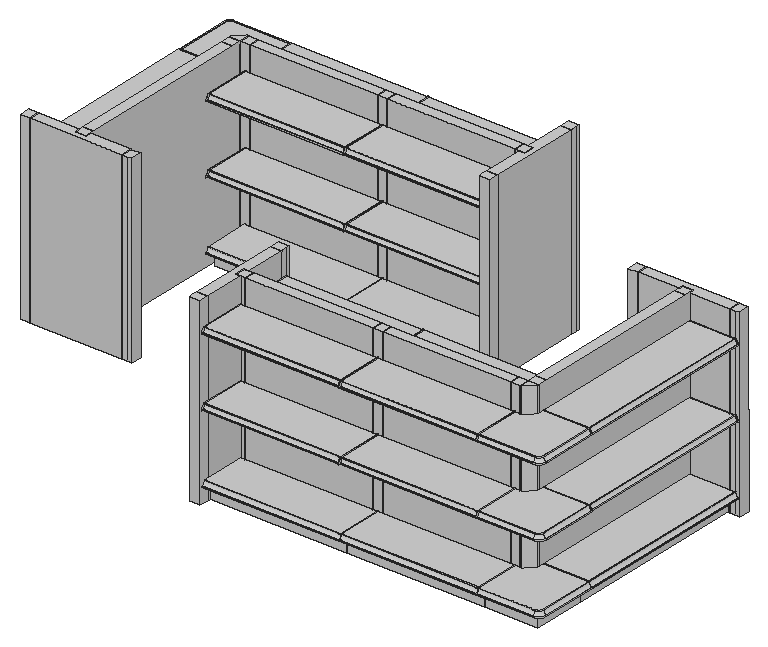
Revit family "QF_ConfigurationB", category Specialty Equipment, Revit 2012
Parameters
  Width = 1' - 0"
  Height = 4' - 0"
Reference planes (in)
  plane 1 "Center (Front/Back)": y = 0
  plane 2: z = 0
  plane 3 "Center (Left/Right)": x = 0
  plane 4: z = 48
  plane 5: z = 5.5
  plane 6: z = 4.125
  plane 7: z = 23.5
  plane 8: z = 41.5
  plane 9: z = 22.125
  plane 10: z = 40.125
  plane 11: y = 6
  plane 12: y = 6
  plane 13: y = 82.5
  plane 14: y = 20.25
  plane 15: y = 68.25
  plane 16: x = -80.625
  plane 17: x = -128.625
Forms (in)
  Extrusion 1, solid, material "Metal - Steel"
    sketch origin (0, 0, 0) x (1, 0, 0) y (0, 1, 0)
      loop
        line (-7.375, 7.375) -> (-7.375, 4.625) -> (-6.875, 4.625) -> (-4.625, 6.875) -> (-4.625, 7.375) -> (-7.375, 7.375)
    from 0 to 48
  Extrusion 2, solid, material "Metal - Steel"
    sketch origin (0, 0, 0) x (1, 0, 0) y (0, 1, 0)
      loop
        line (-4.625, 8.625) -> (-4.625, 6.875) -> (-6.875, 4.625) -> (-8.625, 4.625) -> (-8.625, -7.25) -> (6.25, -7.25)
        arc (6.25, -7.25) -> (6.95711, -6.95711) -> (7.25, -6.25) r 1
        line (7.25, -6.25) -> (7.25, 8.625) -> (-4.625, 8.625)
    from 4.125 to 5.5
  Extrusion 3, solid, material "Metal - Steel"
    sketch origin (0, 0, 0) x (1, 0, 0) y (0, 1, 0)
      loop
        line (5.25, 8.625) -> (-4.625, 8.625) -> (-4.625, 6.875) -> (-6.875, 4.625) -> (-8.625, 4.625) -> (-8.625, -5.375) -> (5.25, -5.375) -> (5.25, 8.625)
    from 0 to 4.125
  Sweep 4, solid, material "Metal - Steel"
    path in 3D
      loop
        line (-8.625, -7.25, 5.5) -> (6.25, -7.25, 5.5)
        arc (6.25, -7.25, 5.5) -> (6.95711, -6.95711, 5.5) -> (7.25, -6.25, 5.5) r 1
        line (7.25, -6.25, 5.5) -> (7.25, 8.625, 5.5)
    profile origin (7.25, 1.1875, 5.5) x (-1, 0, 0) y (0, 0, 1)
      loop
        line (0, 0) -> (-0.25, 0) -> (-0.25, -0.125) -> (-0.125, -0.125)
        arc (-0.125, -0.125) -> (-0.38696, -0.76286) -> (-0.875, -1.25) r 1.75
        line (-0.875, -1.25) -> (-0.875, -1.125) -> (-1, -1.125) -> (-1, -1.375) -> (0, -1.375) -> (0, 0)
  Extrusion 5, solid, material "Metal - Steel"
    sketch origin (0, 0, 0) x (1, 0, 0) y (0, 1, 0)
      loop
        line (-8.625, 4.625) -> (-8.625, -7.25) -> (6.25, -7.25)
        arc (6.25, -7.25) -> (6.95711, -6.95711) -> (7.25, -6.25) r 1
        line (7.25, -6.25) -> (7.25, 8.625) -> (-4.625, 8.625) -> (-4.625, 6.875) -> (-6.875, 4.625) -> (-8.625, 4.625)
    from 22.125 to 23.5
  Extrusion 6, solid, material "Metal - Steel"
    sketch origin (0, 0, 0) x (1, 0, 0) y (0, 1, 0)
      loop
        line (-8.625, 4.625) -> (-8.625, -7.25) -> (6.25, -7.25)
        arc (6.25, -7.25) -> (6.95711, -6.95711) -> (7.25, -6.25) r 1
        line (7.25, -6.25) -> (7.25, 8.625) -> (-4.625, 8.625) -> (-4.625, 6.875) -> (-6.875, 4.625) -> (-8.625, 4.625)
    from 40.125 to 41.5
  Sweep 7, solid, material "Metal - Steel"
    path in 3D
      loop
        line (-8.625, -7.25, 23.5) -> (6.25, -7.25, 23.5)
        arc (6.25, -7.25, 23.5) -> (6.95711, -6.95711, 23.5) -> (7.25, -6.25, 23.5) r 1
        line (7.25, -6.25, 23.5) -> (7.25, 8.625, 23.5)
    profile origin (-1.1875, -7.25, 23.5) x (0, 1, 0) y (0, 0, 1)
      loop
        line (0, 0) -> (-0.25, 0) -> (-0.25, -0.125) -> (-0.125, -0.125)
        arc (-0.125, -0.125) -> (-0.38696, -0.76286) -> (-0.875, -1.25) r 1.75
        line (-0.875, -1.25) -> (-0.875, -1.125) -> (-1, -1.125) -> (-1, -1.375) -> (0, -1.375) -> (0, 0)
  Sweep 8, solid, material "Metal - Steel"
    path in 3D
      loop
        line (-8.625, -7.25, 41.5) -> (6.25, -7.25, 41.5)
        arc (6.25, -7.25, 41.5) -> (6.95711, -6.95711, 41.5) -> (7.25, -6.25, 41.5) r 1
        line (7.25, -6.25, 41.5) -> (7.25, 8.625, 41.5)
    profile origin (7.25, 1.1875, 41.5) x (-1, 0, 0) y (0, 0, 1)
      loop
        line (0, 0) -> (-0.25, 0) -> (-0.25, -0.125) -> (-0.125, -0.125)
        arc (-0.125, -0.125) -> (-0.38696, -0.76286) -> (-0.875, -1.25) r 1.75
        line (-0.875, -1.25) -> (-0.875, -1.125) -> (-1, -1.125) -> (-1, -1.375) -> (0, -1.375) -> (0, 0)
  Extrusion 9, solid, material "Metal - Steel"
    sketch origin (-149.25, 88.5, 0) x (-1, 0, 0) y (0, -1, 0)
      loop
        line (-7.375, 7.375) -> (-7.375, 4.625) -> (-6.875, 4.625) -> (-4.625, 6.875) -> (-4.625, 7.375) -> (-7.375, 7.375)
    from 0 to 48
  Extrusion 10, solid, material "Metal - Steel"
    sketch origin (-149.25, 88.5, 0) x (-1, 0, 0) y (0, -1, 0)
      loop
        line (-4.625, 8.625) -> (-4.625, 6.875) -> (-6.875, 4.625) -> (-8.625, 4.625) -> (-8.625, -7.25) -> (6.25, -7.25)
        arc (6.25, -7.25) -> (6.95711, -6.95711) -> (7.25, -6.25) r 1
        line (7.25, -6.25) -> (7.25, 8.625) -> (-4.625, 8.625)
    from 4.125 to 5.5
  Extrusion 11, solid, material "Metal - Steel"
    sketch origin (-149.25, 88.5, 0) x (-1, 0, 0) y (0, -1, 0)
      loop
        line (5.25, 8.625) -> (-4.625, 8.625) -> (-4.625, 6.875) -> (-6.875, 4.625) -> (-8.625, 4.625) -> (-8.625, -5.375) -> (5.25, -5.375) -> (5.25, 8.625)
    from 0 to 4.125
  Sweep 12, solid, material "Metal - Steel"
    path in 3D
      loop
        line (-140.625, 95.75, 5.5) -> (-155.5, 95.75, 5.5)
        arc (-155.5, 95.75, 5.5) -> (-156.20711, 95.45711, 5.5) -> (-156.5, 94.75, 5.5) r 1
        line (-156.5, 94.75, 5.5) -> (-156.5, 79.875, 5.5)
    profile origin (-156.5, 87.3125, 5.5) x (1, 0, 0) y (0, 0, 1)
      loop
        line (0, 0) -> (-0.25, 0) -> (-0.25, -0.125) -> (-0.125, -0.125)
        arc (-0.125, -0.125) -> (-0.38696, -0.76286) -> (-0.875, -1.25) r 1.75
        line (-0.875, -1.25) -> (-0.875, -1.125) -> (-1, -1.125) -> (-1, -1.375) -> (0, -1.375) -> (0, 0)
  Extrusion 13, solid, material "Metal - Steel"
    sketch origin (-149.25, 88.5, 0) x (-1, 0, 0) y (0, -1, 0)
      loop
        line (-8.625, 4.625) -> (-8.625, -7.25) -> (6.25, -7.25)
        arc (6.25, -7.25) -> (6.95711, -6.95711) -> (7.25, -6.25) r 1
        line (7.25, -6.25) -> (7.25, 8.625) -> (-4.625, 8.625) -> (-4.625, 6.875) -> (-6.875, 4.625) -> (-8.625, 4.625)
    from 22.125 to 23.5
  Extrusion 14, solid, material "Metal - Steel"
    sketch origin (-149.25, 88.5, 0) x (-1, 0, 0) y (0, -1, 0)
      loop
        line (-8.625, 4.625) -> (-8.625, -7.25) -> (6.25, -7.25)
        arc (6.25, -7.25) -> (6.95711, -6.95711) -> (7.25, -6.25) r 1
        line (7.25, -6.25) -> (7.25, 8.625) -> (-4.625, 8.625) -> (-4.625, 6.875) -> (-6.875, 4.625) -> (-8.625, 4.625)
    from 40.125 to 41.5
  Sweep 15, solid, material "Metal - Steel"
    path in 3D
      loop
        line (-140.625, 95.75, 23.5) -> (-155.5, 95.75, 23.5)
        arc (-155.5, 95.75, 23.5) -> (-156.20711, 95.45711, 23.5) -> (-156.5, 94.75, 23.5) r 1
        line (-156.5, 94.75, 23.5) -> (-156.5, 79.875, 23.5)
    profile origin (-148.0625, 95.75, 23.5) x (0, -1, 0) y (0, 0, 1)
      loop
        line (0, 0) -> (-0.25, 0) -> (-0.25, -0.125) -> (-0.125, -0.125)
        arc (-0.125, -0.125) -> (-0.38696, -0.76286) -> (-0.875, -1.25) r 1.75
        line (-0.875, -1.25) -> (-0.875, -1.125) -> (-1, -1.125) -> (-1, -1.375) -> (0, -1.375) -> (0, 0)
  Sweep 16, solid, material "Metal - Steel"
    path in 3D
      loop
        line (-140.625, 95.75, 41.5) -> (-155.5, 95.75, 41.5)
        arc (-155.5, 95.75, 41.5) -> (-156.20711, 95.45711, 41.5) -> (-156.5, 94.75, 41.5) r 1
        line (-156.5, 94.75, 41.5) -> (-156.5, 79.875, 41.5)
    profile origin (-156.5, 87.3125, 41.5) x (1, 0, 0) y (0, 0, 1)
      loop
        line (0, 0) -> (-0.25, 0) -> (-0.25, -0.125) -> (-0.125, -0.125)
        arc (-0.125, -0.125) -> (-0.38696, -0.76286) -> (-0.875, -1.25) r 1.75
        line (-0.875, -1.25) -> (-0.875, -1.125) -> (-1, -1.125) -> (-1, -1.375) -> (0, -1.375) -> (0, 0)
Cuts and joins
  joined: Extrusion 2, Extrusion 3, Sweep 4
  joined: Extrusion 5, Sweep 7
  joined: Extrusion 6, Sweep 8
Lines and regions (in)
  sketch lines
    curve 1: line (7.25, -6.25, 5.5) -> (7.25, 8.625, 5.5)
    curve 2: arc (7.25, -6.25, 5.5) -> (6.95711, -6.95711, 5.5) -> (6.25, -7.25, 5.5) r 1
    curve 3: line (-8.625, -7.25, 5.5) -> (6.25, -7.25, 5.5)
    curve 4: line (-8.625, -7.25, 23.5) -> (6.25, -7.25, 23.5)
    curve 5: arc (7.25, -6.25, 23.5) -> (6.95711, -6.95711, 23.5) -> (6.25, -7.25, 23.5) r 1
    curve 6: line (7.25, -6.25, 23.5) -> (7.25, 8.625, 23.5)
    curve 7: line (7.25, -6.25, 41.5) -> (7.25, 8.625, 41.5)
    curve 8: arc (7.25, -6.25, 41.5) -> (6.95711, -6.95711, 41.5) -> (6.25, -7.25, 41.5) r 1
    curve 9: line (-8.625, -7.25, 41.5) -> (6.25, -7.25, 41.5)
    curve 10: line (-156.5, 94.75, 5.5) -> (-156.5, 79.875, 5.5)
    curve 11: arc (-156.5, 94.75, 5.5) -> (-156.20711, 95.45711, 5.5) -> (-155.5, 95.75, 5.5) r 1
    curve 12: line (-140.625, 95.75, 5.5) -> (-155.5, 95.75, 5.5)
    curve 13: line (-140.625, 95.75, 23.5) -> (-155.5, 95.75, 23.5)
    curve 14: arc (-156.5, 94.75, 23.5) -> (-156.20711, 95.45711, 23.5) -> (-155.5, 95.75, 23.5) r 1
    curve 15: line (-156.5, 94.75, 23.5) -> (-156.5, 79.875, 23.5)
    curve 16: line (-156.5, 94.75, 41.5) -> (-156.5, 79.875, 41.5)
    curve 17: arc (-156.5, 94.75, 41.5) -> (-156.20711, 95.45711, 41.5) -> (-155.5, 95.75, 41.5) r 1
    curve 18: line (-140.625, 95.75, 41.5) -> (-155.5, 95.75, 41.5)
Dimensions and locks (in)
  "Height": plane 4 to level
  aligned and locked: level to plane 2
  aligned and locked: plane 4 to Extrusion 1
Automatic sketch dimensions
  plane 11 to Extrusion 1 sketch curve = 0' - 1 3/8"
  Extrusion 1 sketch curve to plane 3 "Center (Left/Right)" = 0' - 7 3/8"
  Extrusion 1 sketch curve to Extrusion 1 sketch curve = 0' - 0 1/2"  (x2)
  Extrusion 1 sketch curve to plane 11 = 0' - 0 7/8"
  Extrusion 1 sketch curve to Extrusion 1 sketch curve = 0' - 2 3/4"
  Extrusion 2 sketch curve to plane 3 "Center (Left/Right)" = 0' - 8 5/8"
  Extrusion 2 sketch curve to Extrusion 2 sketch curve = 0' - 1 3/4"
  Extrusion 2 sketch curve to Extrusion 2 sketch curve = 0' - 2 1/4"
  plane 3 "Center (Left/Right)" to Extrusion 2 sketch curve = 0' - 6 1/4"
  Extrusion 2 sketch curve to plane 11 = 0' - 2 5/8"
  plane 3 "Center (Left/Right)" to Extrusion 2 sketch curve = 0' - 7 1/4"
  Extrusion 2 sketch curve to plane 11 = 0' - 0 7/8"
  plane 11 to Extrusion 2 sketch curve = 0' - 1 3/8"
  plane 1 "Center (Front/Back)" to Extrusion 2 sketch curve = 0' - 6 1/4"
  plane 11 to Extrusion 3 sketch curve = 0' - 1 3/8"
  Extrusion 3 sketch curve to plane 3 "Center (Left/Right)" = 0' - 8 5/8"
  Extrusion 3 sketch curve to Extrusion 3 sketch curve = 0' - 1 3/4"
  Extrusion 3 sketch curve to plane 11 = 0' - 0 7/8"
  Extrusion 3 sketch curve to Extrusion 3 sketch curve = 0' - 2 1/4"
  plane 3 "Center (Left/Right)" to Extrusion 3 sketch curve = 0' - 5 1/4"
  plane 1 "Center (Front/Back)" to Extrusion 3 sketch curve = 0' - 5 3/8"
  Extrusion 3 sketch curve to plane 11 = 0' - 2 5/8"
  Sweep 4 sketch curve to profile plane = 0' - 0"  (x2)
  profile plane to Sweep 4 sketch curve = 0' - 0 1/8"
  Sweep 4 sketch curve to Sweep 4 sketch curve = 0' - 0 1/8"  (x4)
  profile plane to Sweep 4 sketch curve = 0' - 0 7/8"
  profile plane to Sweep 4 sketch curve = 0' - 0.20787"
  Sweep 4 sketch curve to Sweep 4 sketch curve = 0' - 0.84305"
  Sweep 4 sketch curve to profile plane = 0' - 0 1/8"
  Extrusion 5 sketch curve to plane 3 "Center (Left/Right)" = 0' - 8 5/8"
  plane 11 to Extrusion 5 sketch curve = 0' - 1 3/8"
  Extrusion 5 sketch curve to Extrusion 5 sketch curve = 0' - 1 3/4"
  Extrusion 5 sketch curve to plane 11 = 0' - 0 7/8"
  Extrusion 5 sketch curve to Extrusion 5 sketch curve = 0' - 2 1/4"
  plane 3 "Center (Left/Right)" to Extrusion 5 sketch curve = 0' - 6 1/4"
  Extrusion 5 sketch curve to Extrusion 5 sketch curve = 0' - 1"
  plane 1 "Center (Front/Back)" to Extrusion 5 sketch curve = 0' - 6 1/4"
  Extrusion 5 sketch curve to plane 11 = 0' - 2 5/8"
  plane 11 to Extrusion 6 sketch curve = 0' - 1 3/8"
  Extrusion 6 sketch curve to plane 3 "Center (Left/Right)" = 0' - 8 5/8"
  Extrusion 6 sketch curve to Extrusion 6 sketch curve = 0' - 1 3/4"  (x2)
  Extrusion 6 sketch curve to Extrusion 6 sketch curve = 0' - 2 1/4"
  plane 3 "Center (Left/Right)" to Extrusion 6 sketch curve = 0' - 6 1/4"
  Extrusion 6 sketch curve to Extrusion 6 sketch curve = 0' - 1"
  plane 1 "Center (Front/Back)" to Extrusion 6 sketch curve = 0' - 6 1/4"
  Extrusion 6 sketch curve to plane 11 = 0' - 0 7/8"
  Sweep 7 sketch curve to profile plane = 0' - 0"  (x2)
  profile plane to Sweep 7 sketch curve = 0' - 0 1/8"
  Sweep 7 sketch curve to Sweep 7 sketch curve = 0' - 0 1/8"  (x4)
  profile plane to Sweep 7 sketch curve = 0' - 0 7/8"
  profile plane to Sweep 7 sketch curve = 0' - 0.20787"
  Sweep 7 sketch curve to Sweep 7 sketch curve = 0' - 0.84305"
  Sweep 7 sketch curve to profile plane = 0' - 0 1/8"
  Sweep 8 sketch curve to profile plane = 0' - 0"  (x2)
  profile plane to Sweep 8 sketch curve = 0' - 0 1/8"
  Sweep 8 sketch curve to Sweep 8 sketch curve = 0' - 0 1/8"  (x4)
  profile plane to Sweep 8 sketch curve = 0' - 0 7/8"
  profile plane to Sweep 8 sketch curve = 0' - 0.20787"
  Sweep 8 sketch curve to Sweep 8 sketch curve = 0' - 0.84305"
  Sweep 8 sketch curve to profile plane = 0' - 0 1/8"
  plane 13 to Extrusion 9 sketch curve = 0' - 1 3/8"
  Extrusion 9 sketch curve to plane 3 "Center (Left/Right)" = 11' - 9 7/8"
  Extrusion 9 sketch curve to Extrusion 9 sketch curve = 0' - 0 1/2"  (x2)
  Extrusion 9 sketch curve to plane 13 = 0' - 0 7/8"
  Extrusion 9 sketch curve to Extrusion 9 sketch curve = 0' - 2 3/4"
  plane 13 to Extrusion 10 sketch curve = 1' - 1 1/4"
  Extrusion 10 sketch curve to plane 3 "Center (Left/Right)" = 11' - 8 5/8"
  Extrusion 10 sketch curve to Extrusion 10 sketch curve = 0' - 1 3/4"
  Extrusion 10 sketch curve to Extrusion 10 sketch curve = 0' - 2 1/4"
  Extrusion 10 sketch curve to Extrusion 10 sketch curve = 1' - 2 7/8"
  Extrusion 10 sketch curve to plane 13 = 0' - 2 5/8"
  Extrusion 10 sketch curve to Extrusion 10 sketch curve = 0' - 11 7/8"
  plane 13 to Extrusion 10 sketch curve = 0' - 1 3/8"
  Extrusion 10 sketch curve to plane 13 = 0' - 0 7/8"
  plane 13 to Extrusion 11 sketch curve = 0' - 1 3/8"
  Extrusion 11 sketch curve to plane 3 "Center (Left/Right)" = 11' - 8 5/8"
  Extrusion 11 sketch curve to Extrusion 11 sketch curve = 0' - 1 3/4"
  Extrusion 11 sketch curve to plane 13 = 0' - 0 7/8"
  Extrusion 11 sketch curve to Extrusion 11 sketch curve = 0' - 2 1/4"
  Extrusion 11 sketch curve to plane 13 = 0' - 2 5/8"
  Extrusion 11 sketch curve to Extrusion 11 sketch curve = 0' - 9 7/8"
  plane 13 to Extrusion 11 sketch curve = 0' - 11 3/8"
  Sweep 12 sketch curve to profile plane = 0' - 0"
  profile plane to Sweep 12 sketch curve = 0' - 0"
  profile plane to Sweep 12 sketch curve = 0' - 0 1/8"
  Sweep 12 sketch curve to Sweep 12 sketch curve = 0' - 0 1/8"  (x4)
  profile plane to Sweep 12 sketch curve = 0' - 0 7/8"
  profile plane to Sweep 12 sketch curve = 0' - 0.20787"
  Sweep 12 sketch curve to Sweep 12 sketch curve = 0' - 0.84305"
  Sweep 12 sketch curve to profile plane = 0' - 0 1/8"
  plane 13 to Extrusion 13 sketch curve = 1' - 1 1/4"
  Extrusion 13 sketch curve to plane 3 "Center (Left/Right)" = 11' - 8 5/8"
  plane 13 to Extrusion 13 sketch curve = 0' - 1 3/8"
  Extrusion 13 sketch curve to Extrusion 13 sketch curve = 0' - 1 3/4"
  Extrusion 13 sketch curve to plane 13 = 0' - 0 7/8"
  Extrusion 13 sketch curve to Extrusion 13 sketch curve = 0' - 2 1/4"
  Extrusion 13 sketch curve to Extrusion 13 sketch curve = 1' - 2 7/8"
  Extrusion 13 sketch curve to Extrusion 13 sketch curve = 0' - 1"
  Extrusion 13 sketch curve to plane 13 = 0' - 2 5/8"
  plane 13 to Extrusion 14 sketch curve = 0' - 1 3/8"
  Extrusion 14 sketch curve to plane 3 "Center (Left/Right)" = 11' - 8 5/8"
  Extrusion 14 sketch curve to Extrusion 14 sketch curve = 0' - 1 3/4"  (x2)
  Extrusion 14 sketch curve to Extrusion 14 sketch curve = 0' - 2 1/4"
  Extrusion 14 sketch curve to Extrusion 14 sketch curve = 1' - 2 7/8"
  Extrusion 14 sketch curve to Extrusion 14 sketch curve = 0' - 1"
  plane 13 to Extrusion 14 sketch curve = 1' - 0 1/4"
  Extrusion 14 sketch curve to plane 13 = 0' - 0 7/8"
  Sweep 15 sketch curve to profile plane = 0' - 0"  (x2)
  profile plane to Sweep 15 sketch curve = 0' - 0 1/8"
  Sweep 15 sketch curve to Sweep 15 sketch curve = 0' - 0 1/8"  (x4)
  profile plane to Sweep 15 sketch curve = 0' - 0 7/8"
  profile plane to Sweep 15 sketch curve = 0' - 0.20787"
  Sweep 15 sketch curve to Sweep 15 sketch curve = 0' - 0.84305"
  Sweep 15 sketch curve to profile plane = 0' - 0 1/8"
  Sweep 16 sketch curve to profile plane = 0' - 0"
  profile plane to Sweep 16 sketch curve = 0' - 0"
  profile plane to Sweep 16 sketch curve = 0' - 0 1/8"
  Sweep 16 sketch curve to Sweep 16 sketch curve = 0' - 0 1/8"  (x4)
  profile plane to Sweep 16 sketch curve = 0' - 0 7/8"
  profile plane to Sweep 16 sketch curve = 0' - 0.20787"
  Sweep 16 sketch curve to Sweep 16 sketch curve = 0' - 0.84305"
  Sweep 16 sketch curve to profile plane = 0' - 0 1/8"
Nested families (in)
  nested 1: "TL1" at (-26.625, 6, 0), type "Maxi Line 36" Starter"
    with "Front" Shelf 6' - 6" no, "Front" Shelf 5' no, "Front" Shelf 3' - 6" yes, "Front" Shelf 2' yes, "Front" Base Shelf yes, "Back" Shelf 6' - 6" no, "Back" Shelf 5' no, "Back" Shelf 3' - 6" yes, "Back" Shelf 2' yes, "Back" Base Shelf yes
  nested 2: "TL2" at (-62.625, 6, 0) x (-1, 0, 0) z (0, 0, 1), type "Maxi Line Add-On (Default)"
    with "Front" Shelf 6' - 6" no, "Front" Shelf 5' no, "Front" Shelf 3' - 6" yes, "Front" Shelf 2' yes, "Front" Base Shelf yes, "Back" Shelf 6' - 6" no, "Back" Shelf 5' no, "Back" Shelf 3' - 6" yes, "Back" Shelf 2' yes, "Back" Base Shelf yes
  nested 3: "TL1" at (-6, 32.625, 0) x (0, 1, 0) z (0, 0, 1), type "4"
    with "Front" Shelf 6' - 6" no, "Front" Shelf 5' no, "Front" Shelf 3' - 6" yes, "Front" Shelf 2' yes, "Front" Base Shelf yes, "Back" Shelf 6' - 6" no, "Back" Shelf 5' no, "Back" Shelf 3' - 6" no, "Back" Shelf 2' no, "Back" Base Shelf no
  nested 4: "TL3" at (-81.7428, 19.375, 0) x (0, -1, 0) z (0, 0, 1), type "Maxi Line End (Default)"
    with "Front" Shelf 6' - 6" no, "Front" Shelf 5' no, "Front" Shelf 3' - 6" no, "Front" Shelf 2' no, "Front" Regular Base Shelf no
  nested 5: "TL3" at (7.375, 57.7428, 0) x (-1, 0, 0) z (0, 0, 1), type "Maxi Line End (Default)"
    with "Front" Shelf 6' - 6" no, "Front" Shelf 5' no, "Front" Shelf 3' - 6" no, "Front" Shelf 2' no, "Front" Regular Base Shelf no
  nested 6: "TL1" at (-122.625, 82.5, 0) x (-1, 0, 0) z (0, 0, 1), type "Maxi Line 36" Starter"
    with "Front" Shelf 6' - 6" no, "Front" Shelf 5' no, "Front" Shelf 3' - 6" yes, "Front" Shelf 2' yes, "Front" Base Shelf yes, "Back" Shelf 6' - 6" no, "Back" Shelf 5' no, "Back" Shelf 3' - 6" yes, "Back" Shelf 2' yes, "Back" Base Shelf yes
  nested 7: "TL2" at (-86.625, 82.5, 0), type "Maxi Line Add-On (Default)"
    with "Front" Shelf 6' - 6" no, "Front" Shelf 5' no, "Front" Shelf 3' - 6" yes, "Front" Shelf 2' yes, "Front" Base Shelf yes, "Back" Shelf 6' - 6" no, "Back" Shelf 5' no, "Back" Shelf 3' - 6" yes, "Back" Shelf 2' yes, "Back" Base Shelf yes
  nested 8: "TL1" at (-143.25, 55.875, 0) x (0, -1, 0) z (0, 0, 1), type "4"
    with "Front" Shelf 6' - 6" no, "Front" Shelf 5' no, "Front" Shelf 3' - 6" yes, "Front" Shelf 2' yes, "Front" Base Shelf yes, "Back" Shelf 6' - 6" no, "Back" Shelf 5' no, "Back" Shelf 3' - 6" no, "Back" Shelf 2' no, "Back" Base Shelf no
  nested 9: "TL3" at (-67.5072, 69.125, 0) x (0, 1, 0) z (0, 0, 1), type "Maxi Line End (Default)"
    with "Front" Shelf 6' - 6" no, "Front" Shelf 5' no, "Front" Shelf 3' - 6" no, "Front" Shelf 2' no, "Front" Regular Base Shelf no
  nested 10: "TL3" at (-156.625, 30.7572, 0), type "Maxi Line End (Default)"
    with "Front" Shelf 6' - 6" no, "Front" Shelf 5' no, "Front" Shelf 3' - 6" no, "Front" Shelf 2' no, "Front" Regular Base Shelf no
Definition of nested family "TL1"
  Parameters (values of type "4")
    Width = 4' - 0"
    "Front" Base Shelf [instance] = yes
    "Front" Shelf 2' [instance] = yes
    "Front" Shelf 3' - 6" [instance] = yes
    "Front" Shelf 5' [instance] = no
    "Front" Shelf 6' - 6" [instance] = no
    "Back" Base Shelf [instance] = no
    "Back" Shelf 2' [instance] = no
    "Back" Shelf 3' - 6" [instance] = no
    "Front" Shelf Depth = 1' - 0"
    "Back" Shelf 5' [instance] = no
    "Back" Shelf Depth = 1' - 0"
    Upright Height = 4' - 0"
    "Back" Shelf 6' - 6" [instance] = no
  Types (3): name
    (no name)
    Maxi Line 36" Starter
    4
  Reference planes (in)
    plane 1 "Center (Front/Back)": y = 0
    plane 2: z = 0
    plane 3 "Center (Left/Right)": x = 0
    plane 4: y = 1.375
    plane 5: y = -1.375
    plane 6: z = 48
    plane 7: z = 0
    plane 8 "1st shelf": z = 23.5
    plane 9 "2nd shelf": z = 41.5
    plane 10 "3rd shelf": z = 59.5
    plane 11 "4th shelf": z = 77.5
    plane 12: y = -14.25
    plane 13: x = -24
    plane 14: x = 24
    plane 15: x = -23.875
    plane 16: x = 23.875
    plane 17: z = 41.5
    plane 18: y = 14.25
    plane 19: y = 13.375
    plane 20: y = -13.375
  Forms (in)
    Extrusion 1, solid, material "Metal - Steel"
      sketch origin (-24, 1.375, 0) x (1, 0, 0) y (0, 0, 1)
        loop
          line (0, 0) -> (1.25, 0) -> (48, 0) -> (49.25, 0) -> (49.25, 48) -> (46.75, 48) -> (46.75, 0.03125) -> (46.71924, 0.03125) -> (46.71924, 48) -> (1.2815, 48) -> (1.2815, 0.03125) -> (1.25, 0.03125) -> (1.25, 48) -> (-1.25, 48) -> (-1.25, 0) -> (0, 0)
      from 0 to 2.75
    Extrusion 2, solid, material "Metal - Steel", visible <- ""Front" Base Shelf"
      sketch origin (0, 10, 0) x (0, 1, 0) y (0, 0, 1)
        loop
          line (-11.375, 0) -> (-11.375, 5.5) -> (-23.375, 5.5) -> (-23.50139, 5.5) -> (-23.50139, 5.375) -> (-23.375, 5.375)
          arc (-23.375, 5.375) -> (-23.63696, 4.73714) -> (-24.125, 4.25) r 1.75
          line (-24.125, 4.25) -> (-24.125, 4.375) -> (-24.25, 4.375) -> (-24.25, 4.25) -> (-24.25, 4.125) -> (-21.375, 4.125) -> (-21.375, 0) -> (-11.375, 0)
      from -24 to 24
    Extrusion 3, solid, material "Metal - Steel", visible <- ""Front" Shelf 2'"
      sketch origin (0, 0, 0) x (0, 1, 0) y (0, 0, 1)
        loop
          line (-1.375, 23.5) -> (-13.5, 23.5) -> (-13.625, 23.5)
          arc (-13.625, 23.5) -> (-13.83033, 22.87796) -> (-14.25, 22.375) r 1.75
          line (-14.25, 22.375) -> (-14.25, 22.125) -> (-13.375, 22.125) -> (-13.375, 22.375) -> (-12.625, 23) -> (-12.375, 23) -> (-12.375, 22.875) -> (-1.375, 20.75) -> (-1.375, 23.5)
        loop
          circle (-10.375, 23) r 0.125
        loop
          circle (-2.5, 23) r 0.125
      from -24 to -23.875
    Extrusion 4, solid, material "Metal - Steel", visible <- ""Front" Shelf 2'"
      sketch origin (0, 0, 0) x (0, 1, 0) y (0, 0, 1)
        loop
          line (-13.5, 23.5) -> (-13.5, 23.375) -> (-13.375, 23.375)
          arc (-13.375, 23.375) -> (-13.58033, 22.75296) -> (-14, 22.25) r 1.75
          line (-14, 22.25) -> (-14, 22.375) -> (-14.125, 22.375) -> (-14.125, 22.125) -> (-13.375, 22.125) -> (-1.375, 22.125) -> (-1.375, 23.5) -> (-13.5, 23.5)
      from -23.875 to 23.875
    Extrusion 5, solid, material "Metal - Steel", visible <- ""Front" Shelf 2'"
      sketch origin (0, 0, 0) x (0, 1, 0) y (0, 0, -1)
        loop
          line (-1.375, -23.5) -> (-1.375, -20.75) -> (-12.375, -22.875) -> (-12.375, -23) -> (-12.625, -23) -> (-13.375, -22.375) -> (-13.375, -22.125) -> (-14.25, -22.125) -> (-14.25, -22.375)
          arc (-14.25, -22.375) -> (-13.83033, -22.87796) -> (-13.625, -23.5) r 1.75
          line (-13.625, -23.5) -> (-13.5, -23.5) -> (-1.375, -23.5)
        loop
          circle (-10.375, -23) r 0.125
        loop
          circle (-2.5, -23) r 0.125
      from -24 to -23.875
    Extrusion 6, solid, material "Metal - Steel", visible <- ""Front" Shelf 3' - 6""
      sketch origin (0, 0, 18) x (0, 1, 0) y (0, 0, 1)
        loop
          line (-1.375, 23.5) -> (-13.5, 23.5) -> (-13.625, 23.5)
          arc (-13.625, 23.5) -> (-13.83033, 22.87796) -> (-14.25, 22.375) r 1.75
          line (-14.25, 22.375) -> (-14.25, 22.125) -> (-13.375, 22.125) -> (-13.375, 22.375) -> (-12.625, 23) -> (-12.375, 23) -> (-12.375, 22.875) -> (-1.375, 20.75) -> (-1.375, 23.5)
        loop
          circle (-10.375, 23) r 0.125
        loop
          circle (-2.5, 23) r 0.125
      from -24 to -23.875
    Extrusion 7, solid, material "Metal - Steel", visible <- ""Front" Shelf 3' - 6""
      sketch origin (0, 0, 18) x (0, 1, 0) y (0, 0, 1)
        loop
          line (-13.5, 23.5) -> (-13.5, 23.375) -> (-13.375, 23.375)
          arc (-13.375, 23.375) -> (-13.58033, 22.75296) -> (-14, 22.25) r 1.75
          line (-14, 22.25) -> (-14, 22.375) -> (-14.25, 22.375) -> (-14.25, 22.125) -> (-13.375, 22.125) -> (-1.375, 22.125) -> (-1.375, 23.5) -> (-13.5, 23.5)
      from -23.875 to 23.875
    Extrusion 8, solid, material "Metal - Steel", visible <- ""Front" Shelf 3' - 6""
      sketch origin (0, 0, 18) x (0, 1, 0) y (0, 0, -1)
        loop
          line (-1.375, -23.5) -> (-1.375, -20.75) -> (-12.375, -22.875) -> (-12.375, -23) -> (-12.625, -23) -> (-13.375, -22.375) -> (-13.375, -22.125) -> (-14.25, -22.125) -> (-14.25, -22.375)
          arc (-14.25, -22.375) -> (-13.83033, -22.87796) -> (-13.625, -23.5) r 1.75
          line (-13.625, -23.5) -> (-13.5, -23.5) -> (-1.375, -23.5)
        loop
          circle (-10.375, -23) r 0.125
        loop
          circle (-2.5, -23) r 0.125
      from -24 to -23.875
    Extrusion 9, solid, material "Metal - Steel", visible <- ""Front" Shelf 5'"
      sketch origin (0, 0, 36) x (0, 1, 0) y (0, 0, 1)
        loop
          line (-1.375, 23.5) -> (-13.5, 23.5) -> (-13.625, 23.5)
          arc (-13.625, 23.5) -> (-13.83033, 22.87796) -> (-14.25, 22.375) r 1.75
          line (-14.25, 22.375) -> (-14.25, 22.125) -> (-13.375, 22.125) -> (-13.375, 22.375) -> (-12.625, 23) -> (-12.375, 23) -> (-12.375, 22.875) -> (-1.375, 20.75) -> (-1.375, 23.5)
        loop
          circle (-10.375, 23) r 0.125
        loop
          circle (-2.5, 23) r 0.125
      from -24 to -23.875
    Extrusion 10, solid, material "Metal - Steel", visible <- ""Front" Shelf 5'"
      sketch origin (0, 0, 36) x (0, 1, 0) y (0, 0, 1)
        loop
          line (-13.5, 23.5) -> (-13.5, 23.375) -> (-13.375, 23.375)
          arc (-13.375, 23.375) -> (-13.58033, 22.75296) -> (-14, 22.25) r 1.75
          line (-14, 22.25) -> (-14, 22.375) -> (-14.25, 22.375) -> (-14.25, 22.125) -> (-13.375, 22.125) -> (-1.375, 22.125) -> (-1.375, 23.5) -> (-13.5, 23.5)
      from -23.875 to 23.875
    Extrusion 11, solid, material "Metal - Steel", visible <- ""Front" Shelf 5'"
      sketch origin (0, 0, 36) x (0, 1, 0) y (0, 0, -1)
        loop
          line (-1.375, -23.5) -> (-1.375, -20.75) -> (-12.375, -22.875) -> (-12.375, -23) -> (-12.625, -23) -> (-13.375, -22.375) -> (-13.375, -22.125) -> (-14.25, -22.125) -> (-14.25, -22.375)
          arc (-14.25, -22.375) -> (-13.83033, -22.87796) -> (-13.625, -23.5) r 1.75
          line (-13.625, -23.5) -> (-13.5, -23.5) -> (-1.375, -23.5)
        loop
          circle (-10.375, -23) r 0.125
        loop
          circle (-2.5, -23) r 0.125
      from -24 to -23.875
    Extrusion 12, solid, material "Metal - Steel", visible <- ""Front" Shelf 6' - 6""
      sketch origin (0, 0, 54) x (0, 1, 0) y (0, 0, 1)
        loop
          line (-1.375, 23.5) -> (-13.5, 23.5) -> (-13.625, 23.5)
          arc (-13.625, 23.5) -> (-13.83033, 22.87796) -> (-14.25, 22.375) r 1.75
          line (-14.25, 22.375) -> (-14.25, 22.125) -> (-13.375, 22.125) -> (-13.375, 22.375) -> (-12.625, 23) -> (-12.375, 23) -> (-12.375, 22.875) -> (-1.375, 20.75) -> (-1.375, 23.5)
        loop
          circle (-10.375, 23) r 0.125
        loop
          circle (-2.5, 23) r 0.125
      from -24 to -23.875
    Extrusion 13, solid, material "Metal - Steel", visible <- ""Front" Shelf 6' - 6""
      sketch origin (0, 0, 54) x (0, 1, 0) y (0, 0, 1)
        loop
          line (-13.5, 23.5) -> (-13.5, 23.375) -> (-13.375, 23.375)
          arc (-13.375, 23.375) -> (-13.58033, 22.75296) -> (-14, 22.25) r 1.75
          line (-14, 22.25) -> (-14, 22.375) -> (-14.25, 22.375) -> (-14.25, 22.125) -> (-13.375, 22.125) -> (-1.375, 22.125) -> (-1.375, 23.5) -> (-13.5, 23.5)
      from -23.875 to 23.875
    Extrusion 14, solid, material "Metal - Steel", visible <- ""Front" Shelf 6' - 6""
      sketch origin (0, 0, 54) x (0, 1, 0) y (0, 0, -1)
        loop
          line (-1.375, -23.5) -> (-1.375, -20.75) -> (-12.375, -22.875) -> (-12.375, -23) -> (-12.625, -23) -> (-13.375, -22.375) -> (-13.375, -22.125) -> (-14.25, -22.125) -> (-14.25, -22.375)
          arc (-14.25, -22.375) -> (-13.83033, -22.87796) -> (-13.625, -23.5) r 1.75
          line (-13.625, -23.5) -> (-13.5, -23.5) -> (-1.375, -23.5)
        loop
          circle (-10.375, -23) r 0.125
        loop
          circle (-2.5, -23) r 0.125
      from -24 to -23.875
    Extrusion 15, solid, material "Metal - Steel", visible <- ""Back" Base Shelf"
      sketch origin (0, -10, 0) x (0, -1, 0) y (0, 0, -1)
        loop
          line (-11.375, 0) -> (-21.375, 0) -> (-21.375, -4.125) -> (-24.25, -4.125) -> (-24.25, -4.25) -> (-24.25, -4.375) -> (-24.125, -4.375) -> (-24.125, -4.25)
          arc (-24.125, -4.25) -> (-23.63696, -4.73714) -> (-23.375, -5.375) r 1.75
          line (-23.375, -5.375) -> (-23.50139, -5.375) -> (-23.50139, -5.5) -> (-23.375, -5.5) -> (-11.375, -5.5) -> (-11.375, 0)
      from -24 to 24
    Extrusion 16, solid, material "Metal - Steel", visible <- ""Back" Shelf 2'"
      sketch origin (0, 0, 0) x (0, -1, 0) y (0, 0, -1)
        loop
          line (-1.375, -23.5) -> (-1.375, -20.75) -> (-12.375, -22.875) -> (-12.375, -23) -> (-12.625, -23) -> (-13.375, -22.375) -> (-13.375, -22.125) -> (-14.25, -22.125) -> (-14.25, -22.375)
          arc (-14.25, -22.375) -> (-13.83033, -22.87796) -> (-13.625, -23.5) r 1.75
          line (-13.625, -23.5) -> (-13.5, -23.5) -> (-1.375, -23.5)
        loop
          circle (-10.375, -23) r 0.125
        loop
          circle (-2.5, -23) r 0.125
      from -24 to -23.875
    Extrusion 17, solid, material "Metal - Steel", visible <- ""Back" Shelf 2'"
      sketch origin (0, 0, 0) x (0, -1, 0) y (0, 0, -1)
        loop
          line (-13.5, -23.5) -> (-1.375, -23.5) -> (-1.375, -22.125) -> (-13.375, -22.125) -> (-14.125, -22.125) -> (-14.125, -22.375) -> (-14, -22.375) -> (-14, -22.25)
          arc (-14, -22.25) -> (-13.58033, -22.75296) -> (-13.375, -23.375) r 1.75
          line (-13.375, -23.375) -> (-13.5, -23.375) -> (-13.5, -23.5)
      from -23.875 to 23.875
    Extrusion 18, solid, material "Metal - Steel", visible <- ""Back" Shelf 2'"
      sketch origin (0, 0, 0) x (0, -1, 0) y (0, 0, 1)
        loop
          line (-1.375, 23.5) -> (-13.5, 23.5) -> (-13.625, 23.5)
          arc (-13.625, 23.5) -> (-13.83033, 22.87796) -> (-14.25, 22.375) r 1.75
          line (-14.25, 22.375) -> (-14.25, 22.125) -> (-13.375, 22.125) -> (-13.375, 22.375) -> (-12.625, 23) -> (-12.375, 23) -> (-12.375, 22.875) -> (-1.375, 20.75) -> (-1.375, 23.5)
        loop
          circle (-10.375, 23) r 0.125
        loop
          circle (-2.5, 23) r 0.125
      from -24 to -23.875
    Extrusion 19, solid, material "Metal - Steel", visible <- ""Back" Shelf 3' - 6""
      sketch origin (0, 0, 18) x (0, -1, 0) y (0, 0, -1)
        loop
          line (-1.375, -23.5) -> (-1.375, -20.75) -> (-12.375, -22.875) -> (-12.375, -23) -> (-12.625, -23) -> (-13.375, -22.375) -> (-13.375, -22.125) -> (-14.25, -22.125) -> (-14.25, -22.375)
          arc (-14.25, -22.375) -> (-13.83033, -22.87796) -> (-13.625, -23.5) r 1.75
          line (-13.625, -23.5) -> (-13.5, -23.5) -> (-1.375, -23.5)
        loop
          circle (-10.375, -23) r 0.125
        loop
          circle (-2.5, -23) r 0.125
      from -24 to -23.875
    Extrusion 20, solid, material "Metal - Steel", visible <- ""Back" Shelf 3' - 6""
      sketch origin (0, 0, 18) x (0, -1, 0) y (0, 0, -1)
        loop
          line (-13.5, -23.5) -> (-1.375, -23.5) -> (-1.375, -22.125) -> (-13.375, -22.125) -> (-14.25, -22.125) -> (-14.25, -22.375) -> (-14, -22.375) -> (-14, -22.25)
          arc (-14, -22.25) -> (-13.58033, -22.75296) -> (-13.375, -23.375) r 1.75
          line (-13.375, -23.375) -> (-13.5, -23.375) -> (-13.5, -23.5)
      from -23.875 to 23.875
    Extrusion 21, solid, material "Metal - Steel", visible <- ""Back" Shelf 3' - 6""
      sketch origin (0, 0, 18) x (0, -1, 0) y (0, 0, 1)
        loop
          line (-1.375, 23.5) -> (-13.5, 23.5) -> (-13.625, 23.5)
          arc (-13.625, 23.5) -> (-13.83033, 22.87796) -> (-14.25, 22.375) r 1.75
          line (-14.25, 22.375) -> (-14.25, 22.125) -> (-13.375, 22.125) -> (-13.375, 22.375) -> (-12.625, 23) -> (-12.375, 23) -> (-12.375, 22.875) -> (-1.375, 20.75) -> (-1.375, 23.5)
        loop
          circle (-10.375, 23) r 0.125
        loop
          circle (-2.5, 23) r 0.125
      from -24 to -23.875
    Extrusion 22, solid, material "Metal - Steel", visible <- ""Back" Shelf 5'"
      sketch origin (0, 0, 36) x (0, -1, 0) y (0, 0, -1)
        loop
          line (-1.375, -23.5) -> (-1.375, -20.75) -> (-12.375, -22.875) -> (-12.375, -23) -> (-12.625, -23) -> (-13.375, -22.375) -> (-13.375, -22.125) -> (-14.25, -22.125) -> (-14.25, -22.375)
          arc (-14.25, -22.375) -> (-13.83033, -22.87796) -> (-13.625, -23.5) r 1.75
          line (-13.625, -23.5) -> (-13.5, -23.5) -> (-1.375, -23.5)
        loop
          circle (-10.375, -23) r 0.125
        loop
          circle (-2.5, -23) r 0.125
      from -24 to -23.875
    Extrusion 23, solid, material "Metal - Steel", visible <- ""Back" Shelf 5'"
      sketch origin (0, 0, 36) x (0, -1, 0) y (0, 0, -1)
        loop
          line (-13.5, -23.5) -> (-1.375, -23.5) -> (-1.375, -22.125) -> (-13.375, -22.125) -> (-14.25, -22.125) -> (-14.25, -22.375) -> (-14, -22.375) -> (-14, -22.25)
          arc (-14, -22.25) -> (-13.58033, -22.75296) -> (-13.375, -23.375) r 1.75
          line (-13.375, -23.375) -> (-13.5, -23.375) -> (-13.5, -23.5)
      from -23.875 to 23.875
    Extrusion 24, solid, material "Metal - Steel", visible <- ""Back" Shelf 5'"
      sketch origin (0, 0, 36) x (0, -1, 0) y (0, 0, 1)
        loop
          line (-1.375, 23.5) -> (-13.5, 23.5) -> (-13.625, 23.5)
          arc (-13.625, 23.5) -> (-13.83033, 22.87796) -> (-14.25, 22.375) r 1.75
          line (-14.25, 22.375) -> (-14.25, 22.125) -> (-13.375, 22.125) -> (-13.375, 22.375) -> (-12.625, 23) -> (-12.375, 23) -> (-12.375, 22.875) -> (-1.375, 20.75) -> (-1.375, 23.5)
        loop
          circle (-10.375, 23) r 0.125
        loop
          circle (-2.5, 23) r 0.125
      from -24 to -23.875
    Extrusion 25, solid, material "Metal - Steel", visible <- ""Back" Shelf 6' - 6""
      sketch origin (0, 0, 54) x (0, -1, 0) y (0, 0, -1)
        loop
          line (-1.375, -23.5) -> (-1.375, -20.75) -> (-12.375, -22.875) -> (-12.375, -23) -> (-12.625, -23) -> (-13.375, -22.375) -> (-13.375, -22.125) -> (-14.25, -22.125) -> (-14.25, -22.375)
          arc (-14.25, -22.375) -> (-13.83033, -22.87796) -> (-13.625, -23.5) r 1.75
          line (-13.625, -23.5) -> (-13.5, -23.5) -> (-1.375, -23.5)
        loop
          circle (-10.375, -23) r 0.125
        loop
          circle (-2.5, -23) r 0.125
      from -24 to -23.875
    Extrusion 26, solid, material "Metal - Steel", visible <- ""Back" Shelf 6' - 6""
      sketch origin (0, 0, 54) x (0, -1, 0) y (0, 0, -1)
        loop
          line (-13.5, -23.5) -> (-1.375, -23.5) -> (-1.375, -22.125) -> (-13.375, -22.125) -> (-14.25, -22.125) -> (-14.25, -22.375) -> (-14, -22.375) -> (-14, -22.25)
          arc (-14, -22.25) -> (-13.58033, -22.75296) -> (-13.375, -23.375) r 1.75
          line (-13.375, -23.375) -> (-13.5, -23.375) -> (-13.5, -23.5)
      from -23.875 to 23.875
    Extrusion 27, solid, material "Metal - Steel", visible <- ""Back" Shelf 6' - 6""
      sketch origin (0, 0, 54) x (0, -1, 0) y (0, 0, 1)
        loop
          line (-1.375, 23.5) -> (-13.5, 23.5) -> (-13.625, 23.5)
          arc (-13.625, 23.5) -> (-13.83033, 22.87796) -> (-14.25, 22.375) r 1.75
          line (-14.25, 22.375) -> (-14.25, 22.125) -> (-13.375, 22.125) -> (-13.375, 22.375) -> (-12.625, 23) -> (-12.375, 23) -> (-12.375, 22.875) -> (-1.375, 20.75) -> (-1.375, 23.5)
        loop
          circle (-10.375, 23) r 0.125
        loop
          circle (-2.5, 23) r 0.125
      from -24 to -23.875
  Lines and regions (in)
    Split face 1
      outline origin (-24, -1.375, 0) x (1, 0, 0) y (0, 0, 1)
        loop
          line (1.2815, 48) -> (1.2815, 0.03125) -> (46.71924, 0.03125) -> (46.71924, 48)
    Split face 2
      outline origin (-24, 1.375, 0) x (1, 0, 0) y (0, 0, 1)
        loop
          line (46.71924, 48) -> (46.71924, 0.03125) -> (1.2815, 0.03125) -> (1.2815, 48)
    model lines
      curve 1: line (-24, 0, 0) -> (24, 0, 0)
    reference lines
      curve 2: line (-22.75, 0, 23.5) -> (22.71875, 0, 23.5)
      curve 3: line (-22.75, 0, 59.5) -> (22.71875, 0, 59.5)
      curve 4: line (22.71875, 0, 77.5) -> (-22.71875, 0, 77.5)
  Dimensions and locks (in)
    "Upright Height": plane 6 to level
    ""Front" Shelf Depth": plane 20 to plane 5
    equal spacing: plane 13, plane 3 "Center (Left/Right)", plane 14
    "Width": plane 13 to plane 14
    locked: plane 13 to plane 15 at 0.125
    locked: plane 16 to plane 14 at 0.125
    ""Back" Shelf Depth": plane 4 to plane 19
    locked: plane 19 to plane 18 at 0.875
    locked: plane 20 to plane 12 at 0.875
    aligned and locked: level to plane 2
    aligned and locked: plane 12 to Extrusion 2
    aligned and locked: Extrusion 2 to plane 5
    aligned and locked: plane 13 to Extrusion 2
    aligned and locked: plane 14 to Extrusion 2
    aligned and locked: Extrusion 4 to Extrusion 5
    aligned and locked: Extrusion 3 to Extrusion 2
    aligned and locked: plane 15 to Extrusion 3
    aligned and locked: Extrusion 4 to Extrusion 3
    aligned and locked: Extrusion 5 to Extrusion 2
    aligned and locked: plane 16 to Extrusion 5
    aligned and locked: Extrusion 7 to Extrusion 8
    aligned and locked: Extrusion 7 to Extrusion 6
    aligned and locked: Extrusion 6 to Extrusion 3
    aligned and locked: Extrusion 8 to Extrusion 4
    aligned and locked: Extrusion 8 to Extrusion 2
    aligned and locked: Extrusion 2 to Extrusion 7
    aligned and locked: plane 15 to Extrusion 6
    aligned and locked: Extrusion 6 to Extrusion 2
    aligned and locked: Extrusion 10 to Extrusion 11
    aligned and locked: Extrusion 10 to Extrusion 9
    aligned and locked: Extrusion 9 to Extrusion 3
    aligned and locked: Extrusion 2 to Extrusion 10
    aligned and locked: Extrusion 11 to Extrusion 2
    aligned and locked: Extrusion 11 to Extrusion 4
    aligned and locked: Extrusion 9 to Extrusion 2
    aligned and locked: Extrusion 13 to Extrusion 14
    aligned and locked: Extrusion 13 to Extrusion 12
    aligned and locked: Extrusion 12 to Extrusion 2
    aligned and locked: Extrusion 12 to Extrusion 3
    aligned and locked: Extrusion 2 to Extrusion 13
    aligned and locked: Extrusion 14 to Extrusion 2
    aligned and locked: Extrusion 14 to Extrusion 4
    aligned and locked: curve 1 to Extrusion 15
    aligned and locked: Extrusion 15 to Extrusion 2
    aligned and locked: Extrusion 2 to Extrusion 15
    aligned and locked: plane 13 to Extrusion 15
    aligned and locked: Extrusion 18 to Extrusion 17
    aligned and locked: Extrusion 16 to Extrusion 17
    aligned and locked: Extrusion 15 to plane 18
    aligned and locked: Extrusion 16 to curve 1
    aligned and locked: plane 15 to Extrusion 16
    aligned and locked: curve 1 to Extrusion 18
    aligned and locked: Extrusion 18 to Extrusion 4
    aligned and locked: Extrusion 16 to Extrusion 2
    aligned and locked: Extrusion 21 to Extrusion 20
    aligned and locked: Extrusion 19 to Extrusion 20
    aligned and locked: Extrusion 15 to Extrusion 20
    aligned and locked: plane 15 to Extrusion 19
    aligned and locked: plane 13 to Extrusion 19
    aligned and locked: Extrusion 21 to plane 14
    aligned and locked: plane 16 to Extrusion 21
    aligned and locked: Extrusion 24 to Extrusion 23
    aligned and locked: Extrusion 22 to Extrusion 23
    aligned and locked: Extrusion 15 to Extrusion 23
    aligned and locked: plane 16 to Extrusion 24
    aligned and locked: Extrusion 24 to plane 14
    aligned and locked: plane 15 to Extrusion 22
    aligned and locked: plane 13 to Extrusion 22
    aligned and locked: Extrusion 27 to Extrusion 26
    aligned and locked: Extrusion 25 to Extrusion 26
    aligned and locked: Extrusion 15 to Extrusion 26
    aligned and locked: plane 13 to Extrusion 25
    aligned and locked: plane 15 to Extrusion 25
    aligned and locked: Extrusion 27 to plane 14
    aligned and locked: plane 16 to Extrusion 27
    aligned and locked: Extrusion 1 to plane 6  (x2)
    aligned and locked: plane 19 to Extrusion 15
    aligned and locked: plane 20 to Extrusion 2
  Automatic sketch dimensions
    plane 1 "Center (Front/Back)" to curve 1 = 0' - 0"
    curve 3 to plane 10 "3rd shelf" = 0' - 0"
    curve 2 to plane 8 "1st shelf" = 0' - 0"
    curve 4 to plane 11 "4th shelf" = 0' - 0"
    plane 15 to curve 3 = 0' - 1 1/8"
    plane 15 to curve 2 = 0' - 1 1/8"
    plane 15 to curve 4 = 0' - 1 5/32"
    plane 16 to curve 4 = 0' - 1 5/32"
    plane 16 to curve 3 = 0' - 1 5/32"
    plane 16 to curve 2 = 0' - 1 5/32"
    Extrusion 2 sketch curve to plane 12 = 0' - 0"
    Extrusion 2 sketch curve to level = 0' - 0"
    Extrusion 2 sketch curve to plane 5 = 0' - 0"
    Extrusion 2 sketch curve to plane 12 = 0' - 0.84305"
    plane 12 to Extrusion 2 sketch curve = 0' - 0 1/8"
    plane 12 to Extrusion 2 sketch curve = 0' - 0.74861"
    Extrusion 2 sketch curve to Extrusion 2 sketch curve = 0' - 0.12639"
    Extrusion 2 sketch curve to Extrusion 2 sketch curve = 0' - 0"
    plane 12 to Extrusion 2 sketch curve = 0' - 2 7/8"
    level to Extrusion 2 sketch curve = 0' - 4 1/8"
    Extrusion 2 sketch curve to Extrusion 2 sketch curve = 0' - 0 1/8"  (x4)
    Extrusion 2 sketch curve to Extrusion 2 sketch curve = 0' - 1"
    Extrusion 3 sketch curve to plane 12 = 0' - 0"
    Extrusion 3 sketch curve to plane 8 "1st shelf" = 0' - 0"
    Extrusion 3 sketch curve to plane 5 = 0' - 0"
    plane 8 "1st shelf" to Extrusion 3 sketch curve = 0' - 0.22784"
    Extrusion 3 sketch curve to plane 12 = 0' - 1.11011"
    plane 12 to Extrusion 3 sketch curve = 0' - 0 5/8"
    Extrusion 3 sketch curve to Extrusion 3 sketch curve = 0' - 0 1/8"  (x2)
    plane 12 to Extrusion 3 sketch curve = 0' - 0 7/8"
    Extrusion 3 sketch curve to Extrusion 3 sketch curve = 0' - 0 3/4"
    Extrusion 3 sketch curve to Extrusion 3 sketch curve = 0' - 0 1/4"  (x2)
    Extrusion 3 sketch curve to plane 8 "1st shelf" = 0' - 0 1/2"  (x2)
    Extrusion 3 sketch curve to Extrusion 3 sketch curve = 0' - 2"
    plane 5 to Extrusion 3 sketch curve = 0' - 1 1/8"
    Extrusion 3 sketch curve to Extrusion 3 sketch curve = 0' - 0"
    Extrusion 3 sketch curve to Extrusion 3 sketch curve = 0' - 2 1/4"
    Extrusion 3 sketch curve to plane 8 "1st shelf" = 0' - 0 5/8"
    Extrusion 4 sketch curve to plane 8 "1st shelf" = 0' - 0"
    Extrusion 4 sketch curve to plane 5 = 0' - 0"
    plane 12 to Extrusion 4 sketch curve = 0' - 0 7/8"  (x2)
    Extrusion 4 sketch curve to plane 8 "1st shelf" = 0' - 0 1/8"
    Extrusion 4 sketch curve to Extrusion 4 sketch curve = 0' - 0 1/8"  (x3)
    plane 12 to Extrusion 4 sketch curve = 0' - 0 1/4"
    plane 12 to Extrusion 4 sketch curve = 0' - 0 1/8"
    plane 8 "1st shelf" to Extrusion 4 sketch curve = 0' - 0.10284"
    Extrusion 4 sketch curve to plane 12 = 0' - 0.86011"
    Extrusion 5 sketch curve to plane 12 = 0' - 0"
    Extrusion 5 sketch curve to plane 8 "1st shelf" = 0' - 0"
    Extrusion 5 sketch curve to plane 5 = 0' - 0"
    plane 8 "1st shelf" to Extrusion 5 sketch curve = 0' - 0.22784"
    Extrusion 5 sketch curve to plane 12 = 0' - 1.11011"
    plane 12 to Extrusion 5 sketch curve = 0' - 0 5/8"
    Extrusion 5 sketch curve to Extrusion 5 sketch curve = 0' - 0 1/8"  (x2)
    plane 12 to Extrusion 5 sketch curve = 0' - 0 7/8"
    Extrusion 5 sketch curve to Extrusion 5 sketch curve = 0' - 0 3/4"
    Extrusion 5 sketch curve to Extrusion 5 sketch curve = 0' - 0 1/4"  (x2)
    Extrusion 5 sketch curve to plane 8 "1st shelf" = 0' - 0 1/2"  (x3)
    Extrusion 5 sketch curve to Extrusion 5 sketch curve = 0' - 2"
    plane 5 to Extrusion 5 sketch curve = 0' - 1 1/8"
    Extrusion 5 sketch curve to Extrusion 5 sketch curve = 0' - 0"
    Extrusion 5 sketch curve to Extrusion 5 sketch curve = 0' - 2 1/4"
    Extrusion 6 sketch curve to plane 12 = 0' - 0"
    Extrusion 6 sketch curve to plane 9 "2nd shelf" = 0' - 0"
    Extrusion 6 sketch curve to plane 5 = 0' - 0"
    plane 9 "2nd shelf" to Extrusion 6 sketch curve = 0' - 0.22784"
    Extrusion 6 sketch curve to plane 12 = 0' - 1.11011"
    plane 12 to Extrusion 6 sketch curve = 0' - 0 5/8"
    Extrusion 6 sketch curve to Extrusion 6 sketch curve = 0' - 0 1/8"  (x2)
    plane 12 to Extrusion 6 sketch curve = 0' - 0 7/8"
    Extrusion 6 sketch curve to Extrusion 6 sketch curve = 0' - 0 3/4"
    Extrusion 6 sketch curve to Extrusion 6 sketch curve = 0' - 0 1/4"  (x2)
    Extrusion 6 sketch curve to plane 9 "2nd shelf" = 0' - 0 1/2"  (x2)
    Extrusion 6 sketch curve to Extrusion 6 sketch curve = 0' - 2"
    plane 5 to Extrusion 6 sketch curve = 0' - 1 1/8"
    Extrusion 6 sketch curve to Extrusion 6 sketch curve = 0' - 0"
    Extrusion 6 sketch curve to Extrusion 6 sketch curve = 0' - 2 1/4"
    Extrusion 6 sketch curve to plane 9 "2nd shelf" = 0' - 0 5/8"
    Extrusion 7 sketch curve to plane 12 = 0' - 0"
    Extrusion 7 sketch curve to plane 9 "2nd shelf" = 0' - 0"
    Extrusion 7 sketch curve to plane 5 = 0' - 0"
    plane 9 "2nd shelf" to Extrusion 7 sketch curve = 0' - 0.10284"
    Extrusion 7 sketch curve to plane 12 = 0' - 0.86011"
    plane 12 to Extrusion 7 sketch curve = 0' - 0 1/4"
    plane 12 to Extrusion 7 sketch curve = 0' - 0 3/4"
    Extrusion 7 sketch curve to Extrusion 7 sketch curve = 0' - 0 5/8"
    Extrusion 7 sketch curve to Extrusion 7 sketch curve = 0' - 0 1/8"  (x2)
    Extrusion 7 sketch curve to plane 9 "2nd shelf" = 0' - 0 1/8"
    Extrusion 7 sketch curve to Extrusion 7 sketch curve = 0' - 0 1/4"
    Extrusion 8 sketch curve to plane 12 = 0' - 0"
    Extrusion 8 sketch curve to plane 9 "2nd shelf" = 0' - 0"
    Extrusion 8 sketch curve to plane 5 = 0' - 0"
    plane 9 "2nd shelf" to Extrusion 8 sketch curve = 0' - 0.22784"
    Extrusion 8 sketch curve to plane 12 = 0' - 1.11011"
    plane 12 to Extrusion 8 sketch curve = 0' - 0 5/8"
    Extrusion 8 sketch curve to Extrusion 8 sketch curve = 0' - 0 1/8"  (x2)
    plane 12 to Extrusion 8 sketch curve = 0' - 0 7/8"
    Extrusion 8 sketch curve to Extrusion 8 sketch curve = 0' - 0 3/4"
    Extrusion 8 sketch curve to Extrusion 8 sketch curve = 0' - 0 1/4"  (x2)
    Extrusion 8 sketch curve to plane 9 "2nd shelf" = 0' - 0 1/2"  (x3)
    Extrusion 8 sketch curve to Extrusion 8 sketch curve = 0' - 2"
    plane 5 to Extrusion 8 sketch curve = 0' - 1 1/8"
    Extrusion 8 sketch curve to Extrusion 8 sketch curve = 0' - 0"
    Extrusion 8 sketch curve to Extrusion 8 sketch curve = 0' - 2 1/4"
    Extrusion 9 sketch curve to plane 12 = 0' - 0"
    Extrusion 9 sketch curve to plane 10 "3rd shelf" = 0' - 0"
    Extrusion 9 sketch curve to plane 5 = 0' - 0"
    plane 10 "3rd shelf" to Extrusion 9 sketch curve = 0' - 0.22784"
    Extrusion 9 sketch curve to plane 12 = 0' - 1.11011"
    plane 12 to Extrusion 9 sketch curve = 0' - 0 5/8"
    Extrusion 9 sketch curve to Extrusion 9 sketch curve = 0' - 0 1/8"  (x2)
    plane 12 to Extrusion 9 sketch curve = 0' - 0 7/8"
    Extrusion 9 sketch curve to Extrusion 9 sketch curve = 0' - 0 3/4"
    Extrusion 9 sketch curve to Extrusion 9 sketch curve = 0' - 0 1/4"  (x2)
    Extrusion 9 sketch curve to plane 10 "3rd shelf" = 0' - 0 1/2"  (x2)
    Extrusion 9 sketch curve to Extrusion 9 sketch curve = 0' - 2"
    plane 5 to Extrusion 9 sketch curve = 0' - 1 1/8"
    Extrusion 9 sketch curve to Extrusion 9 sketch curve = 0' - 0"
    Extrusion 9 sketch curve to Extrusion 9 sketch curve = 0' - 2 1/4"
    Extrusion 9 sketch curve to plane 10 "3rd shelf" = 0' - 0 5/8"
    Extrusion 10 sketch curve to plane 12 = 0' - 0"
    Extrusion 10 sketch curve to plane 10 "3rd shelf" = 0' - 0"
    Extrusion 10 sketch curve to plane 5 = 0' - 0"
    plane 10 "3rd shelf" to Extrusion 10 sketch curve = 0' - 0.10284"
    Extrusion 10 sketch curve to plane 12 = 0' - 0.86011"
    plane 12 to Extrusion 10 sketch curve = 0' - 0 1/4"
    plane 12 to Extrusion 10 sketch curve = 0' - 0 3/4"
    Extrusion 10 sketch curve to Extrusion 10 sketch curve = 0' - 0 5/8"
    Extrusion 10 sketch curve to Extrusion 10 sketch curve = 0' - 0 1/8"  (x2)
    Extrusion 10 sketch curve to plane 10 "3rd shelf" = 0' - 0 1/8"
    Extrusion 10 sketch curve to Extrusion 10 sketch curve = 0' - 0 1/4"
    Extrusion 11 sketch curve to plane 12 = 0' - 0"
    Extrusion 11 sketch curve to plane 10 "3rd shelf" = 0' - 0"
    Extrusion 11 sketch curve to plane 5 = 0' - 0"
    plane 10 "3rd shelf" to Extrusion 11 sketch curve = 0' - 0.22784"
    Extrusion 11 sketch curve to plane 12 = 0' - 1.11011"
    plane 12 to Extrusion 11 sketch curve = 0' - 0 5/8"
    Extrusion 11 sketch curve to Extrusion 11 sketch curve = 0' - 0 1/8"  (x2)
    plane 12 to Extrusion 11 sketch curve = 0' - 0 7/8"
    Extrusion 11 sketch curve to Extrusion 11 sketch curve = 0' - 0 3/4"
    Extrusion 11 sketch curve to Extrusion 11 sketch curve = 0' - 0 1/4"  (x2)
    Extrusion 11 sketch curve to plane 10 "3rd shelf" = 0' - 0 1/2"  (x3)
    Extrusion 11 sketch curve to Extrusion 11 sketch curve = 0' - 2"
    plane 5 to Extrusion 11 sketch curve = 0' - 1 1/8"
    Extrusion 11 sketch curve to Extrusion 11 sketch curve = 0' - 0"
    Extrusion 11 sketch curve to Extrusion 11 sketch curve = 0' - 2 1/4"
    Extrusion 12 sketch curve to plane 12 = 0' - 0"
    Extrusion 12 sketch curve to plane 11 "4th shelf" = 0' - 0"
    Extrusion 12 sketch curve to plane 5 = 0' - 0"
    plane 11 "4th shelf" to Extrusion 12 sketch curve = 0' - 0.22784"
    Extrusion 12 sketch curve to plane 12 = 0' - 1.11011"
    plane 12 to Extrusion 12 sketch curve = 0' - 0 5/8"
    Extrusion 12 sketch curve to Extrusion 12 sketch curve = 0' - 0 1/8"  (x2)
    plane 12 to Extrusion 12 sketch curve = 0' - 0 7/8"
    Extrusion 12 sketch curve to Extrusion 12 sketch curve = 0' - 0 3/4"
    Extrusion 12 sketch curve to Extrusion 12 sketch curve = 0' - 0 1/4"  (x2)
    Extrusion 12 sketch curve to plane 11 "4th shelf" = 0' - 0 1/2"  (x2)
    Extrusion 12 sketch curve to Extrusion 12 sketch curve = 0' - 2"
    plane 5 to Extrusion 12 sketch curve = 0' - 1 1/8"
    Extrusion 12 sketch curve to Extrusion 12 sketch curve = 0' - 0"
    Extrusion 12 sketch curve to Extrusion 12 sketch curve = 0' - 2 1/4"
    Extrusion 12 sketch curve to plane 11 "4th shelf" = 0' - 0 5/8"
    Extrusion 13 sketch curve to plane 12 = 0' - 0"
    Extrusion 13 sketch curve to plane 11 "4th shelf" = 0' - 0"
    Extrusion 13 sketch curve to plane 5 = 0' - 0"
    plane 11 "4th shelf" to Extrusion 13 sketch curve = 0' - 0.10284"
    Extrusion 13 sketch curve to plane 12 = 0' - 0.86011"
    plane 12 to Extrusion 13 sketch curve = 0' - 0 1/4"
    plane 12 to Extrusion 13 sketch curve = 0' - 0 3/4"
    Extrusion 13 sketch curve to Extrusion 13 sketch curve = 0' - 0 5/8"
    Extrusion 13 sketch curve to Extrusion 13 sketch curve = 0' - 0 1/8"  (x2)
    Extrusion 13 sketch curve to plane 11 "4th shelf" = 0' - 0 1/8"
    Extrusion 13 sketch curve to Extrusion 13 sketch curve = 0' - 0 1/4"
    Extrusion 14 sketch curve to plane 12 = 0' - 0"
    Extrusion 14 sketch curve to plane 11 "4th shelf" = 0' - 0"
    Extrusion 14 sketch curve to plane 5 = 0' - 0"
    plane 11 "4th shelf" to Extrusion 14 sketch curve = 0' - 0.22784"
    Extrusion 14 sketch curve to plane 12 = 0' - 1.11011"
    plane 12 to Extrusion 14 sketch curve = 0' - 0 5/8"
    Extrusion 14 sketch curve to Extrusion 14 sketch curve = 0' - 0 1/8"  (x2)
    plane 12 to Extrusion 14 sketch curve = 0' - 0 7/8"
    Extrusion 14 sketch curve to Extrusion 14 sketch curve = 0' - 0 3/4"
    Extrusion 14 sketch curve to Extrusion 14 sketch curve = 0' - 0 1/4"  (x2)
    Extrusion 14 sketch curve to plane 11 "4th shelf" = 0' - 0 1/2"  (x3)
    Extrusion 14 sketch curve to Extrusion 14 sketch curve = 0' - 2"
    plane 5 to Extrusion 14 sketch curve = 0' - 1 1/8"
    Extrusion 14 sketch curve to Extrusion 14 sketch curve = 0' - 0"
    Extrusion 14 sketch curve to Extrusion 14 sketch curve = 0' - 2 1/4"
    Extrusion 15 sketch curve to plane 18 = 0' - 0"
    Extrusion 15 sketch curve to level = 0' - 0"
    Extrusion 15 sketch curve to plane 4 = 0' - 0"
    plane 18 to Extrusion 15 sketch curve = 0' - 0.84305"
    Extrusion 15 sketch curve to plane 18 = 0' - 0 1/8"
    Extrusion 15 sketch curve to plane 18 = 0' - 0.74861"
    Extrusion 15 sketch curve to Extrusion 15 sketch curve = 0' - 0.12639"
